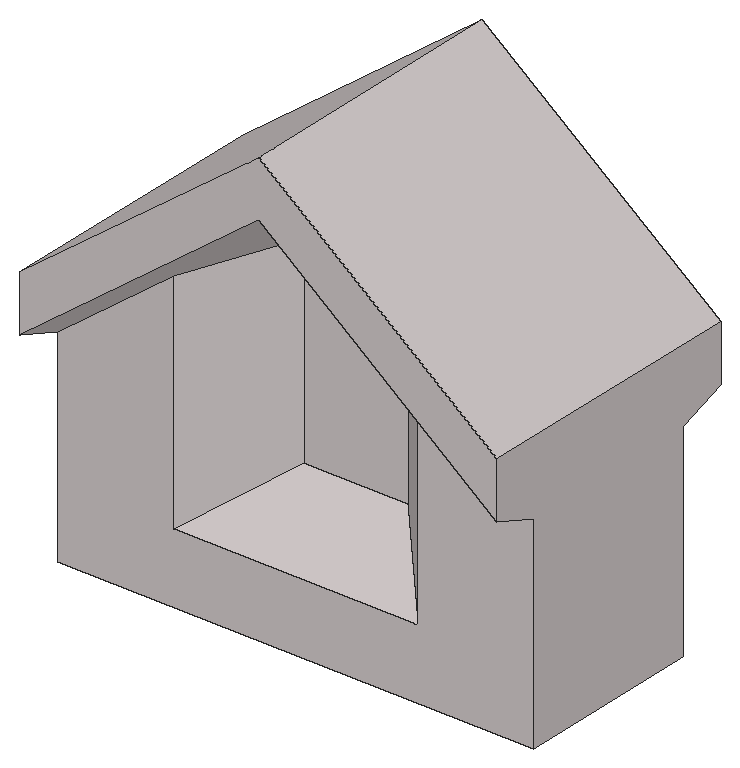
Revit family "M_Suporte fortalecido do telhado de duas águas da viga mestra em I pré-moldada", category Quadro estrutural, Revit 2019
Family settings
  Exibir em vistas ocultas = Arestas ocultadas por outros membros
  Arredondamento do comprimento do framing estrutural = 0 mm
  Forma do corte = Não definido
  Material para o comportamento do modelo = Concreto pré-moldado
  Exportar sempre como geometria = Não
  Número OmniClass = 23.25.30.11.14.14
  Título OmniClass = Beams
  ID de item do Seek = Precast-Girder I-Saddleback-Support Strengthened-0000-CAN-ENU
  Sempre na vertical = Sim
  Corte com vazios quando carregada = Não
  Representação simbólica = Da família
  Compartilhado = Não
  Exibir o pré-corte da família na vista da planta = Sim
Parameters (values of type "1000x600x400")
  Peso da vara de tirante [instance] = 30
  Vara de tirante W [instance] = (Peso da vara de tirante) * 9.80 kN / 1000  # 0.294 kN
  Structural Material [instance] = Concreto - Moldado in loco - 35 MPa
  Peso do vergalhão simples [instance] = 50
  Vergalhão em W simples [instance] = (Peso do vergalhão simples * 9.80 kN) / 1000  # 0.49 kN
  Peso das grades de vergalhão [instance] = 100
  Grades de vergalhão W [instance] = (Peso das grades de vergalhão * 9.80 kN) / 1000  # 0.98 kN
  Comprimento 2 = 150 mm
  Comprimento 1 = 250 mm
  D8 [instance] = 581.268 mm
  D6 = 150 mm
  D5 = 110 mm
  D7 [instance] = 550.029 mm
  D2 = 600 mm
  D4 = 100 mm
  D3 = 120 mm
  B3 = 80 mm
  B1 = 400 mm
  Código de montagem = "B10"
  Length [instance] = 1524 mm
  B2 = 600 mm
  D1 = 1000 mm
Types (3, lengths in mm): name | Comprimento 2 | Comprimento 1 | D8 | D6 | D5 | D7 | D2 | D4 | D3 | B3 | B1 | B2 | D1
  (no name) | 150 | 250 | 581.268 | 150 | 110 | 550.029 | 600 | 100 | 120 | 80 | 400 | 600 | 1000
  900x500x300 | 2 | 300 | 522.522 | 135 | 100 | 423.572 | 500 | 75 | 175 | 100 | 300 | 400 | 900
  1000x600x400 | 150 | 250 | 581.268 | 150 | 110 | 550.029 | 600 | 100 | 120 | 80 | 400 | 600 | 1000
Reference planes
  plane 1 "Centro (Frente/Trás)": y = 0
  plane 2: z = 0
  plane 3 "Centro (Esquerda/Direita)": x = 4.61
  plane 4 "Membro esquerdo": x = -506.19
  plane 5 "Membro direito": x = 516.61
  plane 6: y = 300
  plane 7: y = -300
  plane 8: z = 500
  plane 9 "Inferior": z = -500
  plane 10 "Esquerda": x = -757.39
  plane 11 "Direita": x = 766.61
  plane 12: y = 200
  plane 13: y = -200
  plane 14: x = -256.19
  plane 15: x = -106.19
  plane 16: x = 266.61
  plane 17: x = 116.61
  plane 18: x = 5.21
  plane 19: z = 380
  plane 20: y = 40
  plane 21: y = -40
  plane 22: z = 280
  plane 23: z = 100
  plane 24: z = -20
  plane 25: z = -120
  plane 26: z = -240
  plane 27: z = -350
  plane 28: z = 310.029
  plane 29: z = 231.268
Forms (mm)
  Blend 1, solid, material "Concreto - Moldado in loco - 35 MPa" <- "Structural Material"
    base sketch origin (4.61, 0, 0) x (0, 1, 0) y (0, 0, 1)
      loop
        line (300, 500) -> (-300, 500) -> (-300, 380) -> (-40, 280) -> (40, 280) -> (300, 380) -> (300, 500)
    top sketch origin (4.61, 0, 0) x (0, 1, 0) y (0, 0, 1)
      loop
        line (300, 100) -> (-300, 100) -> (-300, -20) -> (-40, -120) -> (40, -120) -> (300, -20) -> (300, 100)
    from 0.6 to 512
  Blend 2, solid, material "Concreto - Moldado in loco - 35 MPa" <- "Structural Material"
    base sketch origin (429.51, 0, 0) x (0, 1, 0) y (0, 0, -1)
      loop
        line (300, -500) -> (300, -380) -> (40, -280) -> (-40, -280) -> (-300, -380) -> (-300, -500) -> (300, -500)
    top sketch origin (429.51, 0, 0) x (0, 1, 0) y (0, 0, -1)
      loop
        line (300, -100) -> (300, 20) -> (40, 120) -> (-40, 120) -> (-300, 20) -> (-300, -100) -> (300, -100)
    from 424.3 to 935.7
  Extrusion 3, solid, material "Concreto - Moldado in loco - 35 MPa" <- "Structural Material"
    sketch origin (4.61, 0, 0) x (0, 1, 0) y (0, 0, 1)
      loop
        line (200, -500) -> (200, -350) -> (40, -240) -> (-40, -240) -> (-200, -350) -> (-200, -500) -> (200, -500)
    from -510.8 to 512
  Blend 4, solid, material "Concreto - Moldado in loco - 35 MPa" <- "Structural Material"
    base sketch origin (4.61, 0, 0) x (0, 1, 0) y (0, 0, 1)
      loop
        line (200, -350) -> (200, 231.268) -> (-200, 231.268) -> (-200, -350) -> (200, -350)
    top sketch origin (4.61, 0, 0) x (0, 1, 0) y (0, 0, 1)
      loop
        line (40, 310.029) -> (-40, 310.029) -> (-40, -240) -> (40, -240) -> (40, 310.029)
    from -260.8 to -110.8
  Blend 5, solid, material "Concreto - Moldado in loco - 35 MPa" <- "Structural Material"
    base sketch origin (429.51, 0, 0) x (0, 1, 0) y (0, 0, -1)
      loop
        line (200, 350) -> (-200, 350) -> (-200, -231.268) -> (200, -231.268) -> (200, 350)
    top sketch origin (429.51, 0, 0) x (0, 1, 0) y (0, 0, -1)
      loop
        line (40, -310.029) -> (40, 240) -> (-40, 240) -> (-40, -310.029) -> (40, -310.029)
    from 162.9 to 312.9
  Blend 6, solid, material "Concreto - Moldado in loco - 35 MPa" <- "Structural Material"
    base sketch origin (4.61, 0, 0) x (0, 1, 0) y (0, 0, 1)
      loop
        line (40, 280) -> (-40, 280) -> (-40, -240) -> (40, -240) -> (40, 280)
    top sketch origin (4.61, 0, 0) x (0, 1, 0) y (0, 0, 1)
      loop
        line (-40, -240) -> (40, -240) -> (40, 310.029) -> (-40, 310.029) -> (-40, -240)
    from 0.6 to 112
  Blend 7, solid, material "Concreto - Moldado in loco - 35 MPa" <- "Structural Material"
    base sketch origin (429.51, 0, 0) x (0, 1, 0) y (0, 0, -1)
      loop
        line (40, -280) -> (40, 240) -> (-40, 240) -> (-40, -280) -> (40, -280)
    top sketch origin (429.51, 0, 0) x (0, 1, 0) y (0, 0, -1)
      loop
        line (-40, 240) -> (-40, -310.029) -> (40, -310.029) -> (40, 240) -> (-40, 240)
    from 424.3 to 535.7
  Blend 8, solid, material "Concreto - Moldado in loco - 35 MPa" <- "Structural Material"
    base sketch origin (4.61, 0, 0) x (0, 1, 0) y (0, 0, 1)
      loop
        line (200, 231.268) -> (-200, 231.268) -> (-200, -350) -> (200, -350) -> (200, 231.268)
    top sketch origin (4.61, 0, 0) x (0, 1, 0) y (0, 0, 1)
      loop
        line (200, -350) -> (200, 100) -> (-200, 100) -> (-200, -350) -> (200, -350)
    from 262 to 512
  Blend 9, solid, material "Concreto - Moldado in loco - 35 MPa" <- "Structural Material"
    base sketch origin (429.51, 0, 0) x (0, 1, 0) y (0, 0, -1)
      loop
        line (200, -231.268) -> (200, 350) -> (-200, 350) -> (-200, -231.268) -> (200, -231.268)
    top sketch origin (429.51, 0, 0) x (0, 1, 0) y (0, 0, -1)
      loop
        line (200, 350) -> (-200, 350) -> (-200, -100) -> (200, -100) -> (200, 350)
    from 685.7 to 935.7
Cuts and joins
  joined: Blend 1, Blend 2, Extrusion 3, Blend 4, Blend 5, Blend 6, Blend 7, Blend 8, Blend 9
Dimensions and locks
  "B2": plane 6 to plane 7
  equal spacing: plane 9 "Inferior", plane 2, plane 8
  equal spacing: plane 6, plane 1 "Centro (Frente/Trás)", plane 7
  "D1": plane 9 "Inferior" to plane 8
  "Length": plane 10 "Esquerda" to plane 11 "Direita"
  "B1": plane 12 to plane 13
  equal spacing: plane 12, plane 1 "Centro (Frente/Trás)", plane 13
  "Comprimento 2": plane 14 to plane 15
  "Comprimento 2": plane 17 to plane 16
  equal spacing: plane 15, plane 18, plane 17
  equal spacing: plane 20, plane 1 "Centro (Frente/Trás)", plane 21
  "B3": plane 20 to plane 21
  "D3": plane 8 to plane 19
  "D4": plane 19 to plane 22
  "D2": plane 9 "Inferior" to plane 23
  "D4": plane 24 to plane 25
  "D3": plane 23 to plane 24
  "D6": plane 9 "Inferior" to plane 27
  "D5": plane 27 to plane 26
  "D7": plane 26 to plane 28
  "D8": plane 27 to plane 29
  "Comprimento 1": plane 4 "Membro esquerdo" to plane 14
  "Comprimento 1": plane 16 to plane 5 "Membro direito"
  aligned and locked: plane 8 to Blend 1 sketch curve
  aligned and locked: plane 7 to Blend 1 sketch curve  (x2)
  aligned and locked: Blend 1 sketch curve to plane 6  (x2)
  aligned and locked: plane 22 to Blend 1 sketch curve
  aligned and locked: plane 19 to Blend 1 sketch curve  (x2)
  aligned and locked: plane 21 to Blend 1 sketch curve
  aligned and locked: plane 20 to Blend 1 sketch curve  (x2)
  aligned and locked: Blend 1 sketch curve to plane 23
  aligned and locked: plane 25 to Blend 1 sketch curve
  aligned and locked: plane 24 to Blend 1 sketch curve  (x2)
  aligned and locked: Blend 1 sketch curve to plane 21
  aligned and locked: Blend 1 to plane 18
  aligned and locked: plane 7 to Blend 2 sketch curve  (x2)
  aligned and locked: plane 8 to Blend 2 sketch curve
  aligned and locked: Blend 2 sketch curve to plane 6  (x2)
  aligned and locked: plane 22 to Blend 2 sketch curve
  aligned and locked: plane 19 to Blend 2 sketch curve  (x2)
  aligned and locked: plane 21 to Blend 2 sketch curve
  aligned and locked: plane 20 to Blend 2 sketch curve  (x2)
  aligned and locked: Blend 2 sketch curve to plane 23
  aligned and locked: plane 25 to Blend 2 sketch curve
  aligned and locked: plane 24 to Blend 2 sketch curve  (x2)
  aligned and locked: Blend 2 sketch curve to plane 21
  aligned and locked: plane 18 to Blend 2
  aligned and locked: Extrusion 3 sketch curve to plane 26
  aligned and locked: plane 9 "Inferior" to Extrusion 3 sketch curve
  aligned and locked: plane 27 to Extrusion 3 sketch curve  (x2)
  aligned and locked: plane 20 to Extrusion 3 sketch curve
  aligned and locked: Extrusion 3 sketch curve to plane 21
  aligned and locked: plane 20 to Blend 4 sketch curve
  aligned and locked: Blend 4 sketch curve to plane 28
  aligned and locked: plane 26 to Blend 4 sketch curve
  aligned and locked: Blend 4 sketch curve to Extrusion 3
  aligned and locked: plane 15 to Blend 4
  aligned and locked: plane 17 to Blend 5
  aligned and locked: plane 27 to Blend 5 sketch curve
  aligned and locked: plane 28 to Blend 5 sketch curve
  aligned and locked: Blend 5 sketch curve to plane 26
  aligned and locked: Blend 5 sketch curve to plane 20
  aligned and locked: Blend 5 sketch curve to plane 21
  aligned and locked: Blend 4 to plane 14
  aligned and locked: Blend 5 to plane 16
  aligned and locked: plane 20 to Blend 6 sketch curve
  aligned and locked: plane 22 to Blend 6 sketch curve
  aligned and locked: plane 26 to Blend 6 sketch curve  (x2)
  aligned and locked: Blend 6 sketch curve to Extrusion 3
  aligned and locked: var sketch to Blend 6 sketch curve
  aligned and locked: plane 28 to Blend 6 sketch curve
  aligned and locked: Blend 6 sketch curve to plane 20
  aligned and locked: Blend 6 to plane 17
  aligned and locked: Blend 6 to plane 18
  aligned and locked: Blend 7 sketch curve to var sketch
  aligned and locked: plane 18 to Blend 7
  aligned and locked: Blend 7 to plane 15
  aligned and locked: Blend 7 sketch curve to plane 21  (x2)
  aligned and locked: Blend 7 sketch curve to plane 22
  aligned and locked: Blend 7 sketch curve to plane 20  (x2)
  aligned and locked: Blend 7 sketch curve to plane 26  (x2)
  aligned and locked: plane 28 to Blend 7 sketch curve
  aligned and locked: plane 29 to Blend 8 sketch curve
  aligned and locked: Blend 8 sketch curve to plane 27
  aligned and locked: Blend 8 sketch curve to var sketch
  aligned and locked: Blend 1 to Blend 8 sketch curve
  aligned and locked: plane 16 to Blend 8
  aligned and locked: Blend 5 sketch curve to plane 29
  aligned and locked: Blend 9 sketch curve to var sketch
  aligned and locked: plane 14 to Blend 9
  aligned and locked: plane 29 to Blend 9 sketch curve
  aligned and locked: Blend 9 sketch curve to plane 27
  aligned and locked: plane 23 to Blend 9 sketch curve
  aligned and locked: Blend 4 sketch curve to plane 29
  aligned and locked: Extrusion 3 sketch curve to plane 12
  aligned and locked: Extrusion 3 sketch curve to plane 13
  aligned and locked: plane 13 to Extrusion 3 sketch curve
  aligned and locked: plane 13 to Blend 8 sketch curve
  aligned and locked: Blend 8 sketch curve to plane 12
  aligned and locked: plane 12 to Blend 8 sketch curve
  aligned and locked: Blend 8 sketch curve to plane 13
  aligned and locked: Blend 9 sketch curve to plane 13
  aligned and locked: plane 12 to Blend 9 sketch curve
  aligned and locked: Blend 9 sketch curve to plane 12
  aligned and locked: plane 13 to Blend 9 sketch curve
  aligned and locked: plane 13 to Blend 4 sketch curve
  aligned and locked: Blend 4 sketch curve to plane 12
  aligned and locked: plane 27 to Blend 4 sketch curve
  aligned and locked: plane 13 to Blend 5 sketch curve
  aligned and locked: Blend 5 sketch curve to plane 12
  aligned and locked: plane 2 to level
  aligned and locked: plane 4 "Membro esquerdo" to Blend 2
  aligned and locked: Blend 1 to plane 5 "Membro direito"
  aligned and locked: plane 4 "Membro esquerdo" to Extrusion 3
  aligned and locked: Extrusion 3 to plane 5 "Membro direito"
  aligned and locked: Blend 8 to plane 5 "Membro direito"
  aligned and locked: plane 4 "Membro esquerdo" to Blend 9
